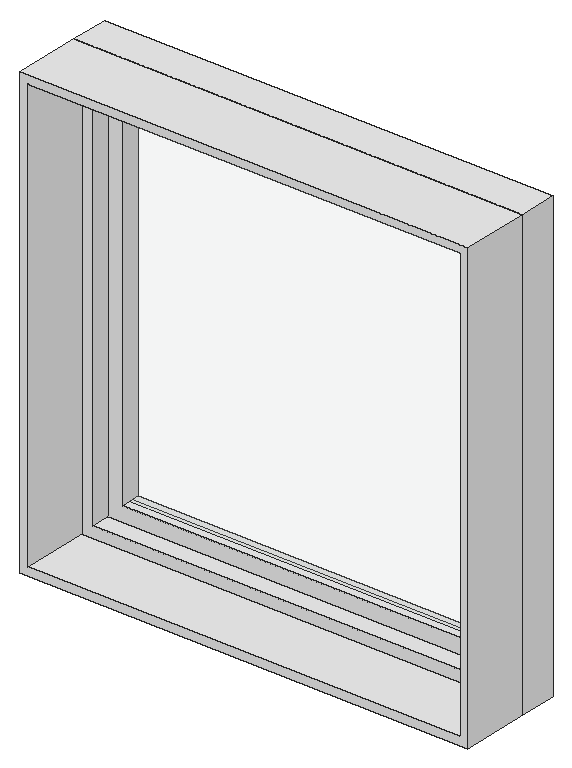
Revit family "Single", category Windows, host Wall, Revit 2015
Parameters (values of type "12x12M")
  WindowBasalOpening = ""
  Window [instance] = Opening : Opening
  Wall Thickness [instance] = 300 mm
  URL = ""
  Total Glass Area = (Rough Height - Frame Width * 2) * (Rough Width - Frame Width * 2)  # 1.1881 m²
  Offset [instance] = 20 mm
  Module Width = Rough Width / 100 mm  # 12
  Module Height = Rough Height / 100 mm  # 12
  Material Jamb = none
  Jamb Width = 20 mm
  Jamb [instance] = yes
  Gap [instance] = 10 mm
  Rough Width = 1190 mm
  Rough Height = 1190 mm
  Model = ""
  Material Glass = none
  Material Frame = none
  Frame Width = 50 mm
  Height [instance] = Rough Height + Gap * 2  # 1210 mm
  Frame Depth = 100 mm
  Default Sill Height = 900 mm
  Wall Closure = By host
  Width [instance] = Rough Width + Gap * 2  # 1210 mm
  Assembly Code = ""
  Analytic Construction = "<None>"
Reference planes
  plane 1 "Center (Front/Back)": y = -20
  plane 2 "Center (Left/Right)": x = -42.398
  plane 3 "Left": x = -647.398
  plane 4 "Right": x = 562.602
  plane 5 "Sill": z = 900
  plane 6 "Head": z = 2110
  plane 7 "Exterior": y = 130
  plane 8 "Interior": y = -170
  plane 9: x = -637.398
  plane 10: x = 552.602
  plane 11: z = 910
  plane 12: z = 2100
  plane 13 "Offset": y = 110
  plane 14 "Offset Jamb": y = 10
  plane 15: x = 502.602
  plane 16: x = -587.398
  plane 17: z = 2050
  plane 18: z = 960
  plane 19: x = -647.398
  plane 20: x = 562.602
  plane 21: z = 900
  plane 22: z = 2110
  plane 23: z = 1505
Forms (mm)
  Extrusion 1, solid, material <- "Material Frame"
    sketch origin (0, 110, 0) x (-1, 0, 0) y (0, 0, 1)
      loop
        line (-552.602, 2100) -> (-552.602, 910) -> (637.398, 910) -> (637.398, 2100) -> (-552.602, 2100)
      loop
        line (-502.602, 960) -> (587.398, 960) -> (587.398, 2050) -> (-502.602, 2050) -> (-502.602, 960)
    from 0 to -100
  Extrusion 2, solid, material <- "Material Jamb", visible <- "Jamb", detail levels medium+fine
    sketch origin (0, 10, 0) x (-1, 0, 0) y (0, 0, 1)
      loop
        line (-552.602, 2100) -> (-552.602, 910) -> (637.398, 910) -> (637.398, 2100) -> (-552.602, 2100)
      loop
        line (617.398, 2080) -> (-532.602, 2080) -> (-532.602, 930) -> (617.398, 930) -> (617.398, 2080)
    from 0 to -180
Lines and regions (mm)
  Opening 1
    outline origin (3500, -170, 0) x (1, 0, 0) y (0, 0, 1)
      loop
        line (-2937.398, 900) -> (-2937.398, 2110) -> (-4147.398, 2110) -> (-4147.398, 900) -> (-2937.398, 900)
  symbolic lines, style "WindowsGlassProjection", detail levels coarse+medium
    curve 1: line (-42.398, 85, 960) -> (-42.398, 85, 2050)
  symbolic lines, style "WindowsGlassProjection", detail levels fine
    curve 2: line (-42.398, 80, 2050) -> (-42.398, 80, 960)
    curve 3: line (-42.398, 90, 960) -> (-42.398, 90, 2050)
Text (mm)
  text "EXTERIOR" at (-1981.535, 863.181, 0), in view "Ref. Level"
  text "INTERIOR" at (-2017.992, -707.606, 0), in view "Ref. Level"
  text "Exterior" at (0, 923.751, 2943.296), in view "Right"
  text "Exterior" at (0, 1019.841, 2788.626), in view "Left"
Dimensions and locks
  equal spacing: plane 3 "Left", plane 2 "Center (Left/Right)", plane 4 "Right"
  "Rough Width": plane 9 to plane 10
  "Rough Height": plane 11 to plane 12
  "Default Sill Height": plane 21 to level
  locked: plane 7 "Exterior" to host wall
  locked: plane 8 "Interior" to host wall
  "Gap": plane 12 to plane 6 "Head"
  "Gap": plane 5 "Sill" to plane 11
  "Gap": plane 10 to plane 4 "Right"
  "Gap": plane 9 to plane 3 "Left"
  "Offset": plane 13 "Offset" to plane 7 "Exterior"
  "Frame Depth": plane 13 "Offset" to plane 14 "Offset Jamb"
  equal spacing: plane 8 "Interior", plane 1 "Center (Front/Back)", plane 7 "Exterior"
  "Frame Width": plane 17 to plane 12
  "Frame Width": plane 16 to plane 9
  "Frame Width": plane 11 to plane 18
  "Frame Width": plane 10 to plane 15
  "Jamb Width": Extrusion 2 sketch curve to Extrusion 2 sketch curve  (x4)
  "Wall Thickness": host wall to host wall
  equal spacing: plane 11, plane 23, plane 12
  aligned and locked: plane 10 to Extrusion 1
  aligned and locked: Extrusion 1 to plane 9
  aligned and locked: plane 12 to Extrusion 1
  aligned and locked: Extrusion 1 to plane 11
  aligned and locked: Extrusion 1 to plane 14 "Offset Jamb"
  aligned and locked: plane 8 "Interior" to Extrusion 2
  aligned and locked: Extrusion 1 sketch curve to plane 15
  aligned and locked: Extrusion 1 sketch curve to plane 17
  aligned and locked: Extrusion 1 sketch curve to plane 16
  aligned and locked: Extrusion 1 sketch curve to plane 18
  aligned and locked: Extrusion 2 sketch curve to plane 9
  aligned and locked: Extrusion 2 sketch curve to plane 12
  aligned and locked: Extrusion 2 sketch curve to plane 10
  aligned and locked: Extrusion 2 sketch curve to plane 11
  aligned and locked: plane 19 to plane 3 "Left"
  aligned and locked: plane 20 to plane 4 "Right"
  aligned and locked: plane 21 to plane 5 "Sill"
  aligned and locked: plane 22 to plane 6 "Head"
  aligned and locked: plane 17 to curve 1
  aligned and locked: plane 18 to curve 1
  aligned and locked: plane 16 to nested 1
  aligned and locked: nested 1 to plane 15
  aligned and locked: nested 1 to plane 17
  aligned and locked: plane 18 to nested 1
Automatic sketch dimensions
  Opening 1 sketch curve to plane 3 "Left" = 0 mm
  Opening 1 sketch curve to plane 4 "Right" = 0 mm
  Opening 1 sketch curve to plane 5 "Sill" = 0 mm
  Opening 1 sketch curve to plane 6 "Head" = 0 mm
  Extrusion 1 sketch curve to plane 10 = 0 mm
  Extrusion 1 sketch curve to plane 9 = 0 mm
  Extrusion 1 sketch curve to plane 11 = 0 mm
  Extrusion 1 sketch curve to plane 12 = 0 mm
  curve 2 to plane 17 = 0 mm
  curve 3 to plane 17 = 0 mm
  plane 18 to curve 2 = 0 mm
  plane 18 to curve 3 = 0 mm
  curve 2 to plane 13 "Offset" = 30 mm
  curve 2 to curve 1 = 5 mm
  curve 1 to curve 3 = 5 mm
Nested families
  nested 1: "Opening" at (-42.398, -20, 160), Offset <- "Offset", Material Glass <- "Material Glass", Material Frame <- "Material Frame", type <- "Window", type "Opening"
    with Width 1090 mm, Offset 20 mm, Material Glass none, Material Frame none, Height 1090 mm
Definition of nested family "Opening"
  Parameters (values of type "Opening")
    Offset [instance] = 20 mm
    Material Glass [instance] = none
    Material Frame [instance] = none
    Height [instance] = 1500 mm
    Default Sill Height = 800 mm
    Wall Closure = (empty or 0)
    Width [instance] = 1000 mm
    Analytic Construction = "<None>"
  Reference planes
    plane 1 "Center (Front/Back)": y = 0
    plane 2 "Center (Left/Right)": x = 0
    plane 3 "Left": x = -500
    plane 4 "Right": x = 500
    plane 5 "Sill": z = 800
    plane 6 "Head": z = 2300
    plane 7 "Exterior": y = 100
    plane 8 "Interior": y = -100
    plane 9 "Offset": y = 80
    plane 10: z = 1550
  Forms (mm)
    Extrusion 1, solid, material <- "Material Frame"
      sketch origin (0, 80, 0) x (-1, 0, 0) y (0, 0, 1)
        loop
          line (-500, 2300) -> (-500, 800) -> (500, 800) -> (500, 2300) -> (-500, 2300)
        loop
          line (-460, 2260) -> (-460, 840) -> (460, 840) -> (460, 2260) -> (-460, 2260)
      from 0 to -50
    Extrusion 2, solid, material <- "Material Glass"
      sketch origin (0, 80, 0) x (-1, 0, 0) y (0, 0, 1)
        loop
          line (-460, 2260) -> (-460, 840) -> (460, 840) -> (460, 2260) -> (-460, 2260)
      from -20 to -30
  Lines and regions (mm)
    symbolic lines
      curve 1: line (500, 100, 2300) -> (-500, 100, 1550)
      curve 2: line (-500, 100, 1550) -> (500, 100, 800)
      curve 9: line (-500, 80, 0) -> (500, 80, 0)
      curve 10: line (-500, 30, 0) -> (-500, 80, 0)
      curve 11: line (500, 30, 0) -> (-500, 30, 0)
      curve 12: line (-460, 80, 0) -> (-460, 30, 0)
      curve 13: line (460, 30, 0) -> (460, 80, 0)
      curve 14: line (500, 80, 0) -> (500, 30, 0)
    symbolic lines, detail levels fine
      curve 3: line (-460, 50, 0) -> (460, 50, 0)
      curve 4: line (460, 60, 0) -> (-460, 60, 0)
      curve 6: line (500, 50, 840) -> (500, 50, 2260)
      curve 7: line (500, 60, 2260) -> (500, 60, 840)
    symbolic lines, detail levels coarse+medium
      curve 5: line (-460, 55, 0) -> (460, 55, 0)
      curve 8: line (500, 55, 2260) -> (500, 55, 840)
  Text (mm)
    text "EXTERIOR" at (-1963.203, 1332.353, 0), in view "Ref. Level"
    text "INTERIOR" at (-1981.466, -818.386, 0), in view "Ref. Level"
    text "Exterior" at (0, 923.751, 2943.296), in view "Right"
    text "Exterior" at (0, 1040.484, 2685.409), in view "Left"
  Dimensions and locks
    equal spacing: plane 3 "Left", plane 2 "Center (Left/Right)", plane 4 "Right"
    "Width": plane 3 "Left" to plane 4 "Right"
    "Height": plane 5 "Sill" to plane 6 "Head"
    "Default Sill Height": plane 5 "Sill" to level
    locked: plane 7 "Exterior" to host wall at 0
    locked: plane 8 "Interior" to host wall
    "Offset": plane 9 "Offset" to plane 7 "Exterior"
    equal spacing: plane 5 "Sill", plane 10, plane 6 "Head"
    equal spacing: Extrusion 2, curve 5, Extrusion 2
    equal spacing: Extrusion 2, curve 8, Extrusion 2
    aligned and locked: Extrusion 2 sketch curve to Extrusion 1  (x4)
    aligned and locked: curve 3 to Extrusion 2
    aligned and locked: curve 4 to Extrusion 2
    aligned and locked: curve 6 to Extrusion 2
    aligned and locked: curve 7 to Extrusion 2
    aligned and locked: curve 12 to Extrusion 1
    aligned and locked: curve 9 to plane 9 "Offset"
    aligned and locked: curve 10 to plane 3 "Left"
    aligned and locked: curve 11 to Extrusion 1
    aligned and locked: curve 13 to Extrusion 1
    aligned and locked: curve 14 to Extrusion 1
  Automatic sketch dimensions
    plane 4 "Right" to Extrusion 1 sketch curve = 0 mm
    plane 3 "Left" to Extrusion 1 sketch curve = 0 mm
    Extrusion 1 sketch curve to plane 5 "Sill" = 0 mm
    Extrusion 1 sketch curve to plane 6 "Head" = 0 mm
    plane 4 "Right" to Extrusion 1 sketch curve = 40 mm
    Extrusion 1 sketch curve to plane 3 "Left" = 40 mm
    Extrusion 1 sketch curve to plane 5 "Sill" = 40 mm
    plane 6 "Head" to Extrusion 1 sketch curve = 40 mm
    plane 3 "Left" to curve 2 = 0 mm
    plane 4 "Right" to curve 2 = 0 mm
    plane 4 "Right" to curve 1 = 0 mm
    curve 2 to plane 5 "Sill" = 0 mm
    curve 2 to plane 10 = 0 mm
    curve 1 to plane 6 "Head" = 0 mm
    curve 8 to plane 5 "Sill" = 40 mm
    curve 7 to curve 8 = 0 mm  (x2)
    curve 8 to curve 6 = 0 mm  (x2)
    plane 6 "Head" to curve 8 = 40 mm
    curve 13 to plane 9 "Offset" = 0 mm
